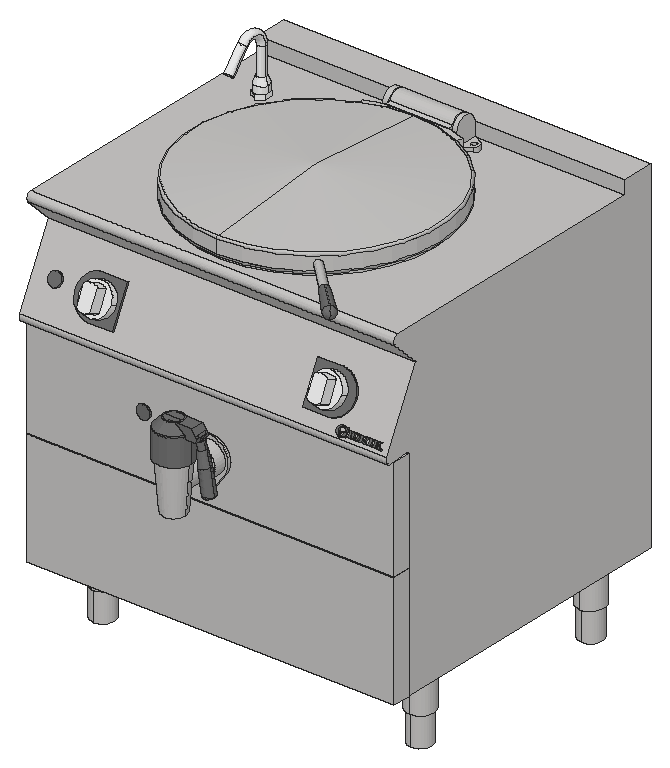
Revit family "QF_GIORIK_PGD705", category Specialty Equipment, Revit 2014
Parameters (values of type "PGD705")
  Weight in Pounds = 264.5544
  Waste Water Discharge Temperature [instance] = 0 °C
  URL Cutsheet = "www.giorik.com"
  URL = "www.giorik.com"
  Status [instance] = ""
  Specification by User [instance] = ""
  Specification by Manufacturer = ""
  Show Logo [instance] = yes
  Show Clearance [instance] = yes
  Serial Number = ""
  Seismic Rating = ""
  SMACNA No = ""
  Revision Code [instance] = ""
  Plumbing Remarks [instance] = ""
  Plumbing Connection Type [instance] = ""
  NAFEM Spec ID Number = ""
  Model = "PGD705"
  Masterspec = ""
  Manufacturer = "GIORIK"
  Item Number [instance] = ""
  Installed By [instance] = ""
  Indirect Waste Size = 1"
  Indirect Waste Flow = 0.0 L/s
  Indirect Waste Connection Type [instance] = ""
  Indirect Waste Connection Height [instance] = 150 mm
  Identify Quantity as Lot [instance] = no
  Hot Water Temperature = 0 °C
  Hot Water Size = 1/2"
  Hot Water RI Height [instance] = 0 mm
  Hot Water Minimum Pressure = 20000.0 Pa
  Hot Water Maximum Pressure = 50000.0 Pa
  Hot Water Flow = 0.0 L/s
  Hot Water Consumption = 0.0 L/s
  Hot Water Connection Height = 150 mm
  Gas Size = 1"
  Gas RI Height [instance] = 0 mm
  Gas KW = 12
  Gas Input = 12000 W
  Gas Connection Height [instance] = 150 mm
  Furnished By [instance] = ""
  Foodservice Equipment Identifier [instance] = yes
  Description = "50 LITRE GAS BOILING PAN - DIRECT HEATING VERSION"
  Cold Water Temperature Recommended = 0 °C
  Cold Water Size = 1/2"
  Cold Water RI Height [instance] = 150 mm
  Cold Water Minimum Pressure = 20000.0 Pa
  Cold Water Maximum Pressure = 50000.0 Pa
  Cold Water Flow [instance] = 0.0 L/s
  Cold Water Consumption [instance] = ""
  Cold Water Connection Height [instance] = 150 mm
  CSI MasterFormat = ""
  Assembly Code = "E1090320"
Reference planes
  plane 1 "Back": y = 0
  plane 2: z = 0
  plane 3 "Left": x = 0
  plane 4 "Right": x = 800
  plane 5 "Front": y = -720
  plane 6 "Top": z = 900
Forms (mm)
  Extrusion 1, solid
    sketch origin (816, 1025.81, 0) x (-1, 0, 0) y (0, -1, 0)
      loop
        line (25, 1086.81) -> (115, 1086.81) -> (115, 1156.81) -> (25, 1156.81) -> (25, 1086.81)
    from 148 to 150
  Extrusion 2, solid
    sketch origin (816, 560.81, 0) x (-1, 0, 0) y (0, -1, 0)
      loop
        line (25, 1086.81) -> (115, 1086.81) -> (115, 1156.81) -> (25, 1156.81) -> (25, 1086.81)
    from 148 to 150
  Revolve 3, solid
    sketch origin (746, 560.81, 0) x (0, 1, 0) y (0, 0, 1)
      loop
        line (-1092.56, 66) -> (-1092.56, 148) -> (-1121.81, 148) -> (-1121.81, 0) -> (-1096.81, 0) -> (-1096.81, 66) -> (-1092.56, 66)
      axis (-1121.81, 0) -> (-1121.81, 148)
    angle from 0 to 360
  Revolve 4, solid
    sketch origin (746, 1025.81, 0) x (0, 1, 0) y (0, 0, 1)
      loop
        line (-1092.56, 66) -> (-1092.56, 148) -> (-1121.81, 148) -> (-1121.81, 0) -> (-1096.81, 0) -> (-1096.81, 66) -> (-1092.56, 66)
      axis (-1121.81, 0) -> (-1121.81, 148)
    angle from 0 to 360
  Extrusion 5, solid
    sketch origin (124, 1025.81, 0) x (-1, 0, 0) y (0, -1, 0)
      loop
        line (25, 1086.81) -> (115, 1086.81) -> (115, 1156.81) -> (25, 1156.81) -> (25, 1086.81)
    from 148 to 150
  Extrusion 6, solid
    sketch origin (124, 560.81, 0) x (-1, 0, 0) y (0, -1, 0)
      loop
        line (25, 1086.81) -> (115, 1086.81) -> (115, 1156.81) -> (25, 1156.81) -> (25, 1086.81)
    from 148 to 150
  Revolve 7, solid
    sketch origin (54, 560.81, 0) x (0, 1, 0) y (0, 0, 1)
      loop
        line (-1092.56, 66) -> (-1092.56, 148) -> (-1121.81, 148) -> (-1121.81, 0) -> (-1096.81, 0) -> (-1096.81, 66) -> (-1092.56, 66)
      axis (-1121.81, 0) -> (-1121.81, 148)
    angle from 0 to 360
  Revolve 8, solid
    sketch origin (54, 1025.81, 0) x (0, 1, 0) y (0, 0, 1)
      loop
        line (-1092.56, 66) -> (-1092.56, 148) -> (-1121.81, 148) -> (-1121.81, 0) -> (-1096.81, 0) -> (-1096.81, 66) -> (-1092.56, 66)
      axis (-1121.81, 0) -> (-1121.81, 148)
    angle from 0 to 360
  Revolve 9, solid
    sketch origin (400, -935.878, 30.013) x (0, 1, 0) y (0, 0, 1)
      loop
        line (263, 839.987) -> (523.5, 839.987) -> (523.5, 911.488)
        arc (523.5, 911.488) -> (389.852, 905.568) -> (257.251, 887.853) r 1511.497
        arc (257.251, 887.853) -> (254.241, 886.302) -> (253.5, 882.997) r 4
        line (253.5, 882.997) -> (253.5, 853.492)
        arc (253.5, 853.492) -> (254.572, 849.465) -> (258.468, 847.987) r 4.564
        line (258.468, 847.987) -> (263, 847.987) -> (263, 839.987)
      axis (523.5, 911.488) -> (523.5, 839.987)
    angle from 0 to 360
  Extrusion 10, solid
    sketch origin (331, -1425.878, 20.013) x (0, 1, 0) y (0, 0, 1)
      loop
        line (1291, 862) -> (1321, 862)
        arc (1321, 862) -> (1341.196, 898.967) -> (1299.177, 895.988) r 24
        arc (1299.177, 895.988) -> (1295.549, 893.05) -> (1291, 892) r 10.377
        line (1291, 892) -> (1291, 862)
    from 0 to 138
  Extrusion 11, solid
    sketch origin (319, -1425.878, 20.013) x (0, 1, 0) y (0, 0, 1)
      loop
        line (1297, 850) -> (1345, 850) -> (1345, 886)
        arc (1345, 886) -> (1321, 910) -> (1297, 886) r 24
        line (1297, 886) -> (1297, 850)
    from 0 to 12
  Extrusion 12, solid
    sketch origin (0, -1425.878, 870.013) x (0, 1, 0) y (-1, 0, 0)
      loop
        line (1345, -319) -> (1330.367, -295.233)
        arc (1330.367, -295.233) -> (1321, -290) -> (1311.633, -295.233) r 11
        line (1311.633, -295.233) -> (1297, -319) -> (1345, -319)
      loop
        circle (1321, -301) r 5.5
    from 0 to 9
  Extrusion 13, solid
    sketch origin (800, -1425.878, 870.013) x (0, 1, 0) y (-1, 0, 0)
      loop
        line (1345, 319) -> (1297, 319) -> (1311.633, 295.233)
        arc (1311.633, 295.233) -> (1321, 290) -> (1330.367, 295.233) r 11
        line (1330.367, 295.233) -> (1345, 319)
      loop
        circle (1321, 301) r 5.5
    from 0 to 9
  Extrusion 14, solid
    sketch origin (469, -1425.878, 20.013) x (0, 1, 0) y (0, 0, 1)
      loop
        line (1297, 850) -> (1345, 850) -> (1345, 886)
        arc (1345, 886) -> (1321, 910) -> (1297, 886) r 24
        line (1297, 886) -> (1297, 850)
    from 0 to 12
  Extrusion 15, solid
    sketch origin (-20, -700, -21.499) x (1, 0, 0) y (0, 0, 1)
      loop
        arc (455.029, 495.06) -> (420, 563) -> (384.971, 495.06) r 43
        line (384.971, 495.06) -> (408.595, 461.88)
        arc (408.595, 461.88) -> (420, 456) -> (431.405, 461.88) r 14
        line (431.405, 461.88) -> (455.029, 495.06)
      loop
        circle (420, 470) r 5
    from 0 to 6
  Revolve 16, solid
    sketch origin (-20, -800, -21.499) x (1, 0, 0) y (0, 0, 1)
      loop
        line (420, 560) -> (420, 490) -> (440, 490) -> (440, 454) -> (445, 454) -> (454.5, 560) -> (420, 560)
      axis (420, 454) -> (420, 560)
    angle from 0 to 360
  Revolve 17, solid
    sketch origin (-20, -800, -21.499) x (1, 0, 0) y (0, 0, 1)
      loop
        line (420, 560) -> (459.015, 560) -> (459.015, 618.943)
        arc (459.015, 618.943) -> (458.824, 619.904) -> (458.279, 620.718) r 2.507
        line (458.279, 620.718) -> (440.712, 638.268)
        arc (440.712, 638.268) -> (439.901, 638.81) -> (438.944, 639) r 2.5
        line (438.944, 639) -> (420, 639) -> (420, 560)
      axis (420, 560) -> (420, 639)
    angle from 0 to 360
  Revolve 18, solid
    sketch origin (400, 100, -21.499) x (0, 1, 0) y (0, 0, 1)
      loop
        line (-900, 520) -> (-806, 520) -> (-806, 556) -> (-833.409, 556)
        arc (-833.409, 556) -> (-835.601, 555.494) -> (-837.349, 554.078) r 5
        line (-837.349, 554.078) -> (-839.034, 551.922)
        arc (-839.034, 551.922) -> (-840.782, 550.506) -> (-842.974, 550) r 5
        line (-842.974, 550) -> (-900, 550) -> (-900, 520)
      axis (-806, 520) -> (-900, 520)
    angle from 0 to 360
  Extrusion 19, solid
    sketch origin (0, 64.122, 882.013) x (0, 1, 0) y (-1, 0, 0)
      loop
        line (-213.194, -290.935) -> (-227.053, -296.675)
        arc (-227.053, -296.675) -> (-206.785, -400) -> (-227.053, -503.325) r 273.514
        line (-227.053, -503.325) -> (-213.194, -509.065)
        arc (-213.194, -509.065) -> (-204.722, -487.451) -> (-199, -464.952) r 186.513
        line (-199, -464.952) -> (-199, -335.048)
        arc (-199, -335.048) -> (-204.722, -312.549) -> (-213.194, -290.935) r 186.513
    from 0 to 30
  Extrusion 20, solid
    sketch origin (0, 1000, -19.915) x (0, 1, 0) y (0, 0, 1)
      loop
        line (-1000, 919.915) -> (-1070, 919.915) -> (-1070, 889.915) -> (-1688.806, 889.915)
        arc (-1688.806, 889.915) -> (-1698.967, 883.461) -> (-1697.445, 871.521) r 11.226
        line (-1697.445, 871.521) -> (-1640.876, 814.952) -> (-1718.948, 661.185)
        arc (-1718.948, 661.185) -> (-1718.233, 650.033) -> (-1708.118, 645.281) r 10.981
        line (-1708.118, 645.281) -> (-1660, 649.852) -> (-1660, 170) -> (-1000, 170) -> (-1000, 919.915)
    from 0 to 800
  Extrusion 21, solid
    sketch origin (820, -785, -21.499) x (-1, 0, 0) y (0, 0, -1)
      loop
        line (368, -639) -> (420, -639) -> (420, -614) -> (364, -614)
        arc (364, -614) -> (359.031, -616.301) -> (358, -621.679) r 6
        line (358, -621.679) -> (368, -639)
    from 0 to 30
  Revolve 22, solid
    sketch origin (820, -800, -21.499) x (-1, 0, 0) y (0, 0, -1)
      loop
        line (365.701, -595.491) -> (367.06, -595.251) -> (364.458, -563.216) -> (355.081, -510.037)
        arc (355.081, -510.037) -> (353.847, -508.1) -> (351.605, -507.603) r 3
        line (351.605, -507.603) -> (342.25, -509.253) -> (357.704, -596.901) -> (361.964, -621.057) -> (364.84, -620.55) -> (363.426, -612.529) -> (368.546, -611.626) -> (365.701, -595.491)
      axis (361.964, -621.057) -> (342.25, -509.253)
    angle from 0 to 360
  Extrusion 23, solid
    sketch origin (820, -790, -21.499) x (-1, 0, 0) y (0, 0, -1)
      loop
        arc (360.934, -626.761) -> (371.174, -617.461) -> (358, -621.679) r 7.078
        line (358, -621.679) -> (360.934, -626.761)
    from 0 to 20
  Extrusion 24, solid
    sketch origin (0, -687.576, 0) x (1, 0, 0) y (0, 0, 1)
      loop
        circle (254.679, 532.341) r 15
    from 12.424 to 14.424
  Extrusion 25, solid
    sketch origin (-6.328, -1011.709, 64.674) x (1, 0, 0) y (0, 0.452718, 0.891654)
      loop
        circle (55.091, 725.192) r 15
    from 0 to 2
  Extrusion 26, solid
    sketch origin (-202.569, -1014.126, 65.804) x (1, 0, 0) y (0, 0.45351, 0.891251)
      loop
        circle (351.331, 721.346) r 35
    from 0 to 15
  Extrusion 27, solid
    sketch origin (-202.569, -1014.126, 65.804) x (1, 0, 0) y (0, 0.45351, 0.891251)
      loop
        line (336.331, 743.846) -> (336.331, 698.846)
        arc (336.331, 698.846) -> (351.331, 693.846) -> (366.331, 698.846) r 25
        line (366.331, 698.846) -> (366.331, 743.846)
        arc (366.331, 743.846) -> (351.331, 748.846) -> (336.331, 743.846) r 25
    from 15 to 40
  Extrusion 28, solid
    sketch origin (-270.935, -968.775, 43.208) x (1, 0, 0) y (0, 0.452718, 0.891654)
      loop
        line (463.221, 676.25) -> (463.221, 766.25) -> (409.698, 766.25)
        arc (409.698, 766.25) -> (364.698, 721.25) -> (409.698, 676.25) r 45
        line (409.698, 676.25) -> (463.221, 676.25)
    from 48 to 50
  Extrusion 29, solid
    sketch origin (1002.569, -1014.126, 65.804) x (-1, 0, 0) y (0, -0.45351, -0.891251)
      loop
        circle (351.331, -721.346) r 35
    from 0 to 15
  Extrusion 30, solid
    sketch origin (1002.569, -1014.126, 65.804) x (-1, 0, 0) y (0, -0.45351, -0.891251)
      loop
        arc (336.331, -743.846) -> (351.331, -748.846) -> (366.331, -743.846) r 25
        line (366.331, -743.846) -> (366.331, -698.846)
        arc (366.331, -698.846) -> (351.331, -693.846) -> (336.331, -698.846) r 25
        line (336.331, -698.846) -> (336.331, -743.846)
    from 15 to 40
  Extrusion 31, solid
    sketch origin (1070.935, -968.775, 43.208) x (-1, 0, 0) y (0, -0.452718, -0.891654)
      loop
        line (463.221, -676.25) -> (409.698, -676.25)
        arc (409.698, -676.25) -> (364.698, -721.25) -> (409.698, -766.25) r 45
        line (409.698, -766.25) -> (463.221, -766.25) -> (463.221, -676.25)
    from 48 to 50
  Extrusion 32, solid, visible <- "Show Logo"
    sketch origin (591.604, -736.761, 608.555) x (-1, 0, 0) y (0, 0.452718, 0.891654)
      loop
        line (-118.824, 58.358) -> (-127.804, 58.358) -> (-125.523, 56.445) -> (-125.523, 48.027) -> (-127.804, 46.113) -> (-118.824, 46.113) -> (-121.105, 48.027) -> (-121.105, 56.445) -> (-118.824, 58.358)
      loop
        line (-163.721, 58.358) -> (-172.7, 58.358) -> (-170.42, 56.445) -> (-170.42, 48.027) -> (-172.7, 46.113) -> (-163.721, 46.113) -> (-166.001, 48.027) -> (-166.001, 56.445) -> (-163.721, 58.358)
      loop
        line (-174.332, 58.358) -> (-183.312, 58.358) -> (-181.031, 56.445) -> (-181.031, 52.435) -> (-186.419, 56.955) -> (-184.416, 58.358) -> (-191.268, 58.358) -> (-188.01, 56.839) -> (-185.455, 54.283) -> (-190.846, 47.858) -> (-193.396, 46.93) -> (-193.396, 46.113) -> (-184.416, 46.113) -> (-185.437, 47.571) -> (-182.443, 51.552) -> (-181.031, 50.894) -> (-181.031, 48.027) -> (-183.312, 46.113) -> (-174.332, 46.113) -> (-176.613, 48.027) -> (-176.613, 56.445) -> (-174.332, 58.358)
      loop
        line (-115.429, 62.063) -> (-115.429, 54.198)
        arc (-115.429, 54.198) -> (-111.618, 57.803) -> (-106.847, 59.986) r 16.039
        arc (-106.847, 59.986) -> (-103.314, 59.837) -> (-100.512, 57.68) r 5.851
        arc (-100.512, 57.68) -> (-98.815, 52.267) -> (-100.512, 46.853) r 9.479
        arc (-100.512, 46.853) -> (-102.406, 44.986) -> (-104.846, 43.93) r 7.236
        arc (-104.846, 43.93) -> (-107.728, 44.111) -> (-110.052, 45.825) r 5.11
        line (-110.052, 45.825) -> (-110.052, 52.001) -> (-116.141, 52.001) -> (-116.141, 45.503) -> (-117.893, 43.751) -> (-114.094, 44.769)
        arc (-114.094, 44.769) -> (-112.56, 44.947) -> (-111.129, 44.366) r 3.115
        arc (-111.129, 44.366) -> (-104.216, 42.091) -> (-97.303, 44.366) r 11.641
        arc (-97.303, 44.366) -> (-93.396, 52.107) -> (-97.303, 59.849) r 9.622
        arc (-97.303, 59.849) -> (-104.369, 62.174) -> (-111.435, 59.849) r 11.898
        line (-111.435, 59.849) -> (-115.429, 62.063)
      loop
        arc (-129.234, 56.068) -> (-135.893, 58.628) -> (-142.552, 56.068) r 9.941
        arc (-142.552, 56.068) -> (-144.234, 52.286) -> (-142.552, 48.505) r 5.093
        arc (-142.552, 48.505) -> (-135.893, 45.945) -> (-129.234, 48.505) r 9.941
        arc (-129.234, 48.505) -> (-127.552, 52.286) -> (-129.234, 56.068) r 5.093
      loop
        arc (-132.628, 54.403) -> (-135.893, 57.668) -> (-139.158, 54.403) r 3.265
        line (-139.158, 54.403) -> (-139.158, 50.169)
        arc (-139.158, 50.169) -> (-135.893, 46.904) -> (-132.628, 50.169) r 3.265
        line (-132.628, 50.169) -> (-132.628, 54.403)
      loop
        arc (-156.363, 58.365) -> (-159.647, 55.081) -> (-156.363, 51.796) r 3.285
        line (-156.363, 51.796) -> (-159.529, 47.306) -> (-162.087, 46.113) -> (-155.847, 46.113) -> (-153.529, 51.083) -> (-150.637, 51.083) -> (-150.637, 47.784) -> (-153.022, 46.113) -> (-144.011, 46.113) -> (-146.094, 47.68) -> (-146.094, 56.493) -> (-144.229, 58.365) -> (-156.363, 58.365)
      loop
        line (-150.637, 57.512) -> (-153.637, 57.512)
        arc (-153.637, 57.512) -> (-156.237, 54.912) -> (-153.637, 52.312) r 2.6
        line (-153.637, 52.312) -> (-150.637, 52.312) -> (-150.637, 57.512)
      loop
        line (-108.924, 52.001) -> (-104.936, 49.005) -> (-100.948, 52.001) -> (-108.924, 52.001)
    from 1.5 to -0.5
  Revolve 33, solid
    sketch origin (735, -185.878, -15) x (-1, 0, 0) y (0, 0, -1)
      loop
        line (635, -895) -> (635, -925) -> (645, -925) -> (650, -910) -> (650, -895) -> (635, -895)
      axis (635, -925) -> (635, -895)
    angle from 0 to 360
  Sweep 34, solid
    path origin (100, 51.122, -15) x (0, 1, 0) y (0, 0, -1)
      loop
        line (-237, -925) -> (-237, -986.382)
        arc (-237, -986.382) -> (-256.494, -1014.482) -> (-289.641, -1006.064) r 30
        line (-289.641, -1006.064) -> (-326.852, -963.258)
    profile origin (100, -185.878, 940.691) x (0, 1, 0) y (-1, 0, 0)
      loop
        circle (0, 0) r 9
  Extrusion 35, solid
    sketch origin (1534.526, 359.652, 885) x (0.975272, 0.221007, 0) y (-0.221007, 0.975272, 0)
      loop
        line (-1502.427, -209.668) -> (-1515.641, -197.445) -> (-1532.833, -202.777) -> (-1536.811, -220.332) -> (-1523.598, -232.555) -> (-1506.406, -227.223) -> (-1502.427, -209.668)
    from -15 to -5
  Extrusion 36, solid
    sketch origin (0, 0, 0) x (0, 1, 0) y (0, 0, 1)
      loop
        line (-660, 624.427) -> (-700, 624.427) -> (-700, 401.427) -> (-660, 401.427) -> (-660, 624.427)
    from 0 to 800
  Extrusion 37, solid
    sketch origin (0, 0, -240) x (0, 1, 0) y (0, 0, 1)
      loop
        line (-660, 640) -> (-700, 640) -> (-700, 390) -> (-660, 390) -> (-660, 640)
    from 0 to 800
  Extrusion 38, solid
    sketch origin (130, -200, 100.085) x (0, 1, 0) y (-1, 0, 0)
      loop
        circle (0, 0) r 6.5
    from 30 to 50
  Extrusion 39, solid
    sketch origin (50, -318.442, 100.085) x (0, 1, 0) y (-1, 0, 0)
      loop
        circle (-160, 0) r 12.5
    from 30 to 50
  Extrusion 40, solid
    sketch origin (104, -157, 100.085) x (0, 1, 0) y (-1, 0, 0)
      loop
        circle (-70, 0) r 6.5
    from 30 to 50
  Extrusion 41, solid, visible <- "Show Clearance", detail levels coarse
    sketch origin (130, 0, 70.961) x (0, 1, 0) y (0, 0, 1)
      loop
        arc (-80.878, 1446.904) -> (-506.111, 1271.7) -> (-682.378, 846.906) r 600
        line (-682.378, 846.906) -> (-80.878, 846.906) -> (-80.878, 1446.904)
    from 0 to 540
  Extrusion 42, solid
    sketch origin (170, -585, 900) x (0, 1, 0) y (-1, 0, 0)
      loop
        circle (0, 0) r 12.4
    from -750 to -769.915
  Revolve 43, solid
    sketch origin (160.983, -209.817, -52.393) x (-0.707107, 0.707107, 0) y (0, 0, -1)
      loop
        line (-671.931, -950.485) -> (-763.471, -950.485)
        arc (-763.471, -950.485) -> (-759.812, -959.317) -> (-750.98, -962.976) r 12.491
        line (-750.98, -962.976) -> (-671.931, -960.125) -> (-671.931, -950.485)
      axis (-671.931, -950.485) -> (-763.471, -950.485)
    angle from 0 to 360
  Extrusion 44, solid
    sketch origin (1359.702, -277.165, -52.393) x (-0.707107, -0.707107, 0) y (0, 0, -1)
      loop
        circle (800, -950.485) r 7.5
    from -223.314 to -315.051
Lines and regions (mm)
  symbolic lines, style "200-EquipBorder-2D"
    curve 1: line (0, -720, 0) -> (800, -720, 0)
    curve 2: line (800, -720, 0) -> (800, 0, 0)
    curve 3: line (800, 0, 0) -> (0, 0, 0)
    curve 4: line (0, 0, 0) -> (0, -720, 0)
    curve 40: arc (436.017, -785, 900) -> (360.985, -800, 900) -> (436.017, -815, 900) r 39.015
    curve 41: line (400, -815, 900) -> (462.241, -815, 900)
    curve 42: line (400, -785, 900) -> (400, -815, 900)
    curve 43: line (462.241, -785, 900) -> (400, -785, 900)
    curve 44: line (462.241, -785, 900) -> (462.241, -815, 900)
    curve 45: line (430.006, -775.063, 900) -> (430.006, -743.838, 900)
    curve 46: line (435.935, -733.569, 900) -> (435.935, -720, 900)
    curve 47: line (369.994, -775.063, 900) -> (369.994, -743.838, 900)
    curve 48: line (364.008, -733.469, 900) -> (364.008, -720, 900)
    curve 49: arc (369.994, -743.838, 900) -> (369.061, -740.356, 900) -> (366.512, -737.806, 900) r 6.965
    curve 50: arc (366.512, -737.806, 900) -> (364.679, -735.973, 900) -> (364.008, -733.469, 900) r 5.008
    curve 51: arc (430.006, -743.838, 900) -> (430.791, -740.279, 900) -> (433.481, -737.819, 900) r 6.041
    curve 52: arc (433.481, -737.819, 900) -> (435.38, -736.082, 900) -> (435.935, -733.569, 900) r 4.265
    curve 53: line (477.501, -787.499, 900) -> (467.858, -787.499, 900)
    curve 54: line (467.858, -812.499, 900) -> (477.501, -812.499, 900)
    curve 55: arc (477.501, -812.499, 900) -> (490.001, -799.999, 900) -> (477.501, -787.499, 900) r 12.5
    curve 56: arc (467.858, -787.499, 900) -> (464.972, -787.837, 900) -> (462.241, -788.832, 900) r 12.5
    curve 57: arc (462.241, -811.166, 900) -> (464.972, -812.162, 900) -> (467.858, -812.499, 900) r 12.5
    curve 73: line (163.763, -732.843, 900) -> (163.763, -720, 900)
    curve 74: arc (163.763, -732.843, 900) -> (148.758, -735.182, 900) -> (133.763, -732.783, 900) r 48.682
    curve 75: line (133.763, -732.783, 900) -> (133.763, -720, 900)
    curve 76: arc (636.237, -732.843, 900) -> (651.241, -735.173, 900) -> (666.237, -732.801, 900) r 49.042
    curve 77: line (636.237, -732.843, 900) -> (636.237, -720, 900)
    curve 84: line (666.237, -732.801, 900) -> (666.237, -731.467, 900)
  symbolic lines, style "200-EquipInternal-2D"
    curve 5: line (171.031, -35, 900) -> (629, -35, 900)
    curve 6: line (629, -32, 900) -> (171.031, -32, 900)
    curve 7: line (168, -25, 900) -> (632, -25, 900)
    curve 8: line (632, -22, 900) -> (168, -22, 900)
    curve 9: line (165, -15, 900) -> (635, -15, 900)
    curve 10: line (635, -12, 900) -> (165, -12, 900)
    curve 11: line (168, -22, 900) -> (168, -25, 900)
    curve 12: line (171.031, -32, 900) -> (171.031, -35, 900)
    curve 13: line (165, -12, 900) -> (165, -15, 900)
    curve 14: line (635, -15, 900) -> (635, -12, 900)
    curve 15: line (632, -25, 900) -> (632, -22, 900)
    curve 16: line (629, -35, 900) -> (629, -32, 900)
    curve 17: line (0, -70, 900) -> (800, -70, 900)
    curve 18: arc (400, -682.378, 900) -> (130, -412.378, 900) -> (400, -142.378, 900) r 270
    curve 19: arc (400, -146.129, 900) -> (133.751, -412.378, 900) -> (400, -678.627, 900) r 266.249
    curve 20: arc (400, -678.627, 900) -> (666.249, -412.378, 900) -> (400, -146.129, 900) r 266.249
    curve 21: arc (400, -142.378, 900) -> (670, -412.378, 900) -> (400, -682.378, 900) r 270
    curve 22: line (290.935, -149.072, 900) -> (296.675, -162.931, 900)
    curve 23: arc (335.048, -134.878, 900) -> (312.549, -140.6, 900) -> (290.935, -149.072, 900) r 186.513
    curve 24: line (295.233, -114.245, 900) -> (319, -128.878, 900)
    curve 25: arc (295.233, -95.511, 900) -> (290, -104.878, 900) -> (295.233, -114.245, 900) r 11
    curve 26: line (319, -80.878, 900) -> (295.233, -95.511, 900)
    curve 27: arc (301, -99.378, 900) -> (306.5, -104.878, 900) -> (301, -110.378, 900) r 5.5
    curve 28: arc (301, -110.378, 900) -> (295.5, -104.878, 900) -> (301, -99.378, 900) r 5.5
    curve 29: line (481, -80.878, 900) -> (319, -80.878, 900)
    curve 30: line (319, -128.878, 900) -> (331, -128.878, 900)
    curve 31: line (469, -134.878, 900) -> (331, -134.878, 900)
    curve 32: line (469, -128.878, 900) -> (481, -128.878, 900)
    curve 33: line (481, -128.878, 900) -> (504.767, -114.245, 900)
    curve 34: arc (499, -110.378, 900) -> (493.5, -104.878, 900) -> (499, -99.378, 900) r 5.5
    curve 35: arc (499, -99.378, 900) -> (504.5, -104.878, 900) -> (499, -110.378, 900) r 5.5
    curve 36: arc (504.767, -114.245, 900) -> (510, -104.878, 900) -> (504.767, -95.511, 900) r 11
    curve 37: line (504.767, -95.511, 900) -> (481, -80.878, 900)
    curve 38: line (469, -134.878, 900) -> (469, -128.878, 900)
    curve 39: line (331, -134.878, 900) -> (331, -128.878, 900)
    curve 58: line (84.412, -176.878, 900) -> (84.412, -194.878, 900)
    curve 59: line (100, -167.878, 900) -> (84.412, -176.878, 900)
    curve 60: line (115.588, -176.878, 900) -> (100, -167.878, 900)
    curve 61: line (115.588, -194.878, 900) -> (115.588, -176.878, 900)
    curve 62: arc (91, -185.878, 900) -> (100, -176.878, 900) -> (109, -185.878, 900) r 9
    curve 63: spline (109, -275.73, 900) -> (108.693, -277.488, 900) -> (107.794, -279.126, 900) -> (106.364, -280.533, 900) -> (104.5, -281.612, 900) -> (102.329, -282.291, 900) -> (100, -282.522, 900) -> (97.671, -282.291, 900) -> (95.5, -281.612, 900) -> (93.636, -280.533, 900) -> (92.206, -279.126, 900) -> (91.307, -277.488, 900) -> (91, -275.73, 900)
    curve 64: line (109, -185.878, 900) -> (109, -275.73, 900)
    curve 65: line (91, -275.73, 900) -> (91, -185.878, 900)
    curve 66: line (84.412, -194.878, 900) -> (91, -198.682, 900)
    curve 67: line (109, -198.682, 900) -> (115.588, -194.878, 900)
    curve 68: arc (509.065, -149.072, 900) -> (487.451, -140.6, 900) -> (464.952, -134.878, 900) r 186.513
    curve 69: line (503.325, -162.931, 900) -> (509.065, -149.072, 900)
    curve 70: arc (115, -185.878, 900) -> (113.416, -192.586, 900) -> (109, -197.878, 900) r 15
    curve 71: arc (85, -185.878, 900) -> (100, -170.878, 900) -> (115, -185.878, 900) r 15
    curve 72: arc (91, -197.878, 900) -> (86.584, -192.586, 900) -> (85, -185.878, 900) r 15
    curve 78: line (642.926, -678.127, 900) -> (629.294, -691.759, 900)
    curve 79: line (629.294, -691.759, 900) -> (683.174, -749.672, 900)
    curve 80: line (642.926, -678.127, 900) -> (700.839, -732.008, 900)
    curve 81: arc (700.839, -732.008, 900) -> (700.831, -749.665, 900) -> (683.174, -749.672, 900) r 12.491
    curve 82: line (641.413, -679.64, 900) -> (576.546, -614.773, 900)
    curve 83: line (630.807, -690.247, 900) -> (565.939, -625.379, 900)
Dimensions and locks
  plane 3 "Left" to plane 4 "Right" = 800 mm
  plane 5 "Front" to plane 1 "Back" = 720 mm
  plane 4 "Right" to plane 3 "Left" = 800 mm
  plane 1 "Back" to plane 5 "Front" = 720 mm
  plane 6 "Top" to level = 900 mm  (x2)
  aligned and locked: level to plane 2
Connectors
  piping at (130, -200, 130.085), diameter 12.7, driven by "Hot Water Size", driven by "Hot Water Flow"
    settings: on Extrusion 38, index 1, connector inside diameter 24", connector length 0 mm, flow factor 0, pipe flow 0.0 L/s, pressure drop 0.0 Pa, fitting loss kfactor 0, connector angle 0.00°, fixture units 0, engagement length 0 mm, angle of deflection 0.00°, flow configuration 1, flow direction 1, fitting loss method 0, system type 19, joint type 0, gender type 0, connector reference index -1, connector utility 0, adjustable connector no, is connector primary yes, connector description "Hot Water Inlet"
  piping at (104, -227, 130.085), diameter 12.7, driven by "Cold Water Size", driven by "Cold Water Flow"
    settings: on Extrusion 40, index 2, connector inside diameter 24", connector length 0 mm, flow factor 0, pipe flow 0.0 L/s, pressure drop 0.0 Pa, fitting loss kfactor 0, connector angle 0.00°, fixture units 0, engagement length 0 mm, angle of deflection 0.00°, flow configuration 1, flow direction 1, fitting loss method 0, system type 20, joint type 0, gender type 0, connector reference index -1, connector utility 0, adjustable connector no, is connector primary no, connector description "Cold Water Inlet"
  piping at (50, -478.442, 130.085), diameter 25.4, driven by "Gas Size"
    settings: on Extrusion 39, index 3, connector inside diameter 24", connector length 0 mm, flow factor 0, pipe flow 0.0 L/s, pressure drop 0.0 Pa, fitting loss kfactor 0, connector angle 0.00°, fixture units 0, engagement length 0 mm, angle of deflection 0.00°, flow configuration 1, flow direction 1, fitting loss method 0, system type 22, joint type 0, gender type 0, connector reference index -1, connector utility 0, adjustable connector no, is connector primary no, connector description "Gas inlet"
  piping at (170, -585, 130.085), diameter 25.4, driven by "Indirect Waste Size", driven by "Indirect Waste Flow"
    settings: on Extrusion 42, index 4, connector inside diameter 24", connector length 0 mm, flow factor 0, pipe flow 0.0 L/s, pressure drop 0.0 Pa, fitting loss kfactor 0, connector angle 0.00°, fixture units 0, engagement length 0 mm, angle of deflection 0.00°, flow configuration 1, flow direction 2, fitting loss method 0, system type 16, joint type 0, gender type 0, connector reference index -1, connector utility 0, adjustable connector no, is connector primary no, connector description "Drain connection"
